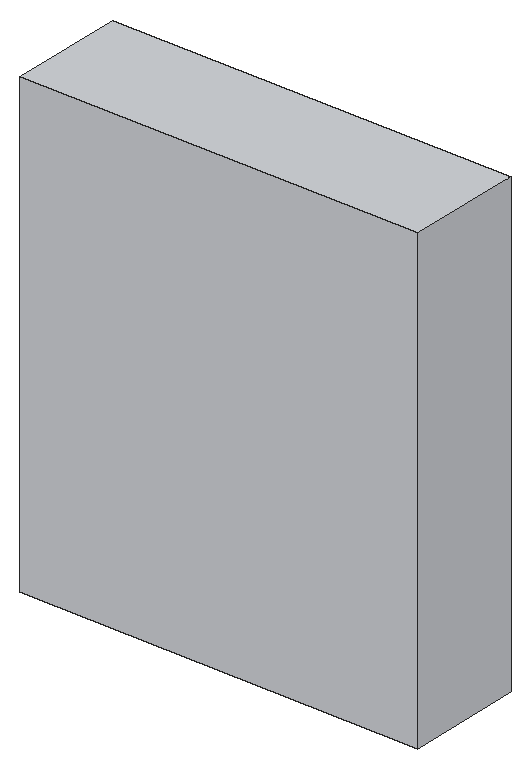
Revit family "Conexão de fibra ótica_M", category Terreno, Revit 2019
Family settings
  Hospedeiro = Parede
  Cota do conector redondo = Utilizar diâmetro
  Tipo de parte = Normal
  ID de item do Seek = Fiber Optic Connection-0000-CAN-ENU
  Sempre na vertical = Sim
  Corte com vazios quando carregada = Não
  Compartilhado = Não
Parameters (values of type "Padrão")
  Largura = 145 mm
  Comprimento = 500 mm
  Altura da instalação = 1200 mm
  Altura = 580 mm
Reference planes
  plane 1: y = 0
  plane 2 "Centro (Esquerda/Direita)": x = 0
  plane 3 "Aresta da parede": y = 76.2
  plane 4: z = 1200
  plane 5: z = 1780
  plane 6: x = 250
  plane 7: x = -250
  plane 8: y = 221.2
Forms (mm)
  Extrusion 1, solid
    sketch origin (0, 0, 0) x (0, 1, 0) y (0, 0, 1)
      loop
        line (221.2, 1780) -> (76.2, 1780) -> (76.2, 1200) -> (221.2, 1200) -> (221.2, 1780)
    from -250 to 250
Text (mm)
  text "Lado da colocação" at (0, 1019.848, 3124.603), in view "Direita"
  text "Lado da colocação" at (-1787.662, 723.012, 0), in view "Nível de referência"
  text "Lado da colocação" at (0, 2073.289, 3571.227), in view "Esquerda"
Dimensions and locks
  locked: plane 3 "Aresta da parede" to host wall
  "Altura da instalação": plane 4 to level
  "Altura": plane 5 to plane 4
  equal spacing: plane 7, plane 2 "Centro (Esquerda/Direita)", plane 6
  "Comprimento": plane 7 to plane 6
  "Largura": plane 8 to plane 3 "Aresta da parede"
  aligned and locked: plane 8 to Extrusion 1 sketch curve
  aligned and locked: plane 5 to Extrusion 1 sketch curve
  aligned and locked: plane 4 to Extrusion 1 sketch curve
  aligned and locked: Extrusion 1 sketch curve to host wall
  aligned and locked: plane 7 to Extrusion 1
  aligned and locked: Extrusion 1 to plane 6
  aligned and locked: plane 5 to Extrusion 1
  aligned and locked: Extrusion 1 to plane 4
Connectors
  electrical at (250, 148.7, 1490)
    settings: on Extrusion 1, index 1, voltage 0 V, apparent load 0 VA, apparent load phase1 0 VA, apparent load phase2 0 VA, apparent load phase3 0 VA, power factor 1, load classification "Outros", number of poles 1, system type 14, power factor state 1, is connector primary yes, connector utility yes, sub classification motor no, connector description "Fibra ótica"
  electrical at (-250, 148.7, 1490)
    settings: on Extrusion 1, index 2, voltage 0 V, apparent load 0 VA, apparent load phase1 0 VA, apparent load phase2 0 VA, apparent load phase3 0 VA, power factor 1, load classification "Outros", number of poles 1, system type 14, power factor state 1, is connector primary no, connector utility no, sub classification motor no, connector description "Fibra ótica"
